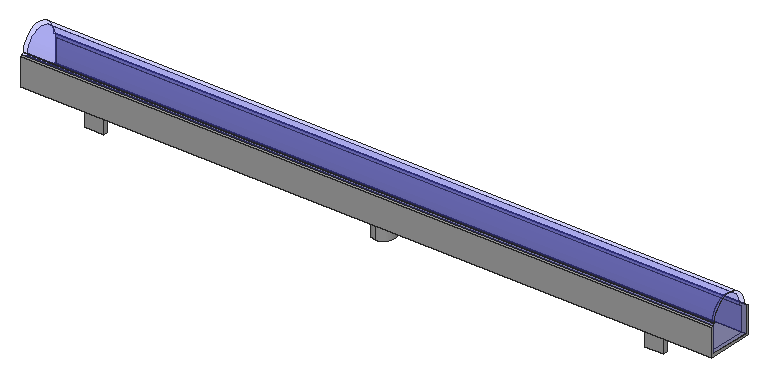
Revit family "Alcon-13304-Revit-Family", category Lighting Fixtures, host Face, Revit 2025
Family settings
  Host = Face
  Round Connector Dimension = Use Diameter
  Part Type = Normal
  Cut with Voids When Loaded = No
  Light Source = Yes
  Maintain Annotation Orientation = No
  Shared = No
  Room Calculation Point = No
Parameters
  Wattage = 9.2903 W
  built-in parameter 1150110 = 1 (stored number, unit not read)
  URL = "https://www.alconlighting.com/"
  built-in parameter 1114217 = 1 (stored number, unit not read)
  built-in parameter 1150109 = 1 (stored number, unit not read)
  built-in parameter 1150134 = 3
  built-in parameter 1150113 = 1 (stored number, unit not read)
  Product Page = "https://www.alconlighting.com/13304-venti.html"
  Model = "Alcon 13304"
  Manufacturer = "Alcon Lighting"
  built-in parameter 1150105 = 439.27 (stored number, unit not read)
  Lumens = 1380 lm
  built-in parameter 1150115 = 1 (stored number, unit not read)
  Light Source Symbol Size = 2' - 0"
  built-in parameter 1150137 = (empty or 0)
  built-in parameter 1150139 = (empty or 0)
  Length = 1' - 10 1/2"
  built-in parameter 1150112 = 1 (stored number, unit not read)
  built-in parameter 1150114 = 1 (stored number, unit not read)
  built-in parameter 1150132 = (empty or 0)
  built-in parameter 1150102 = (empty or 0)
  built-in parameter 1150107 = 3200 (stored number, unit not read)
  built-in parameter 1150138 = (empty or 0)
  built-in parameter 1150106 = 4.3927 (stored number, unit not read)
  GLASS = Glass
  Emit from Line Length = 2' - 0"
  built-in parameter 1150104 = 13.8 (stored number, unit not read)
  Dimming Lamp Color Temperature Shift = <None>
  Default Elevation = 4' - 0"
  Color Filter = 16777215
  built-in parameter 1114218 = 1 (stored number, unit not read)
  BODY = Default
  built-in parameter 1150133 = 10 (stored number, unit not read)
Reference planes (in)
  plane 1 "Center (Front/Back)": y = 0
  plane 2: z = 0
  plane 3 "Center (Left/Right)": x = 0
  plane 4 "Left Grip": x = 2.4492
  plane 5: x = 0.09976
Forms (in)
  Extrusion 1, solid, material "Default" <- "BODY"
    sketch origin (0, 0, 0) x (0, 1, 0) y (0, 0, 1)
      loop
        line (0.75, 0.6875) -> (0.75, 1.5625) -> (0.625, 1.61878)
        arc (0.625, 1.61878) -> (0, 2.24378) -> (-0.625, 1.61878) r 0.625
        line (-0.625, 1.61878) -> (-0.75, 1.5625) -> (-0.75, 0.6875) -> (0.75, 0.6875)
    from 0 to 22.5
  Extrusion 2, solid, material "Default" <- "BODY"
    sketch origin (11.25, 0.75, 0) x (0, -1, 0) y (1, 0, 0)
      loop
        circle (0.75, 0) r 0.34699
    from 0 to 0.6875
  Extrusion 3, solid, material "Default" <- "BODY"
    sketch origin (2.4492, 0, 0) x (0, -1, 0) y (0, 0, 1)
      loop
        line (-0.5, 0.6875) -> (-0.5, 0.58696) -> (-0.39894, 0.58696) -> (-0.39894, 0) -> (-0.27394, 0) -> (-0.27394, 0.58696) -> (0.27394, 0.58696) -> (0.27394, 0) -> (0.39894, 0) -> (0.39894, 0.58696) -> (0.5, 0.58696) -> (0.5, 0.6875) -> (-0.5, 0.6875)
    from 0 to 0.625
  Extrusion 4, solid, material "Default" <- "BODY"
    sketch origin (20.0508, 0, 0) x (0, 1, 0) y (0, 0, 1)
      loop
        line (0.5, 0.6875) -> (-0.5, 0.6875) -> (-0.5, 0.58696) -> (-0.39894, 0.58696) -> (-0.39894, 0) -> (-0.27394, 0) -> (-0.27394, 0.58696) -> (0.27394, 0.58696) -> (0.27394, 0) -> (0.39894, 0) -> (0.39894, 0.58696) -> (0.5, 0.58696) -> (0.5, 0.6875)
    from 0 to 0.625
  Extrusion 5, void
    sketch origin (22.5, 0, 0) x (0, -1, 0) y (0, 0, 1)
      loop
        line (0.6875, 0.75707) -> (0.6875, 2.56419) -> (-0.68916, 2.56419) -> (-0.68916, 0.75707) -> (0.6875, 0.75707)
    from 22.57065 to -0.06336
  Extrusion 6, solid, material "Glass" <- "GLASS"
    sketch origin (22.5, 0, 0) x (0, 1, 0) y (0, 0, 1)
      loop
        arc (0.625, 1.61878) -> (0, 2.24378) -> (-0.625, 1.61878) r 0.625
        line (-0.625, 1.61878) -> (-0.75, 1.5625) -> (-0.75, 0.75707) -> (0.75, 0.75707) -> (0.75, 1.5625) -> (0.625, 1.61878)
    from 0 to -22.5
  Extrusion 7, void
    sketch origin (0.09976, 0.75, 48) x (0, 1, 0) y (0, 0, 1)
      loop
        line (-0.12334, -47.24293) -> (-0.12334, -46.4533) -> (-0.18836, -46.42896)
        arc (-0.18836, -46.42896) -> (-0.73377, -45.8351) -> (-1.31194, -46.39711) r 0.56224
        line (-1.31194, -46.39711) -> (-1.375, -46.44082) -> (-1.375, -47.24293) -> (-0.12334, -47.24293)
    from 0 to 22.27889
Cuts and joins
  Extrusion 5, Extrusion 7 cuts Extrusion 1
  Extrusion 7 cuts Extrusion 6
Dimensions and locks (in)
  equal spacing: plane 3 "Center (Left/Right)", Extrusion 2 sketch curve, Extrusion 1
  aligned and locked: plane 2 to host face
  aligned and locked: level to host face
  aligned and locked: Extrusion 1 to plane 3 "Center (Left/Right)"
